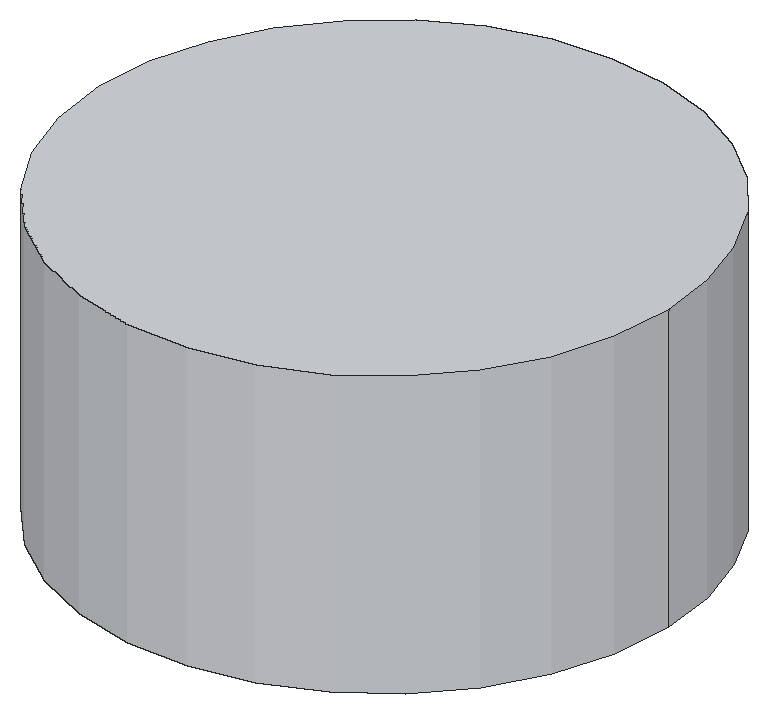
Revit family "10980800", category Specialty Equipment, Revit 2021
Family settings
  Round Connector Dimension = Use Diameter
  Part Type = Normal
  OmniClass Number = 23.40.40.14
  OmniClass Title = Food Service Equipment
  Work Plane-Based = No
  Always vertical = Yes
  Cut with Voids When Loaded = No
  Shared = No
  Room Calculation Point = No
Parameters (values of type "Standard")
  URL = "https://www.rustfriebergh.no/produkter/serveringsdisker/displaymonter-rbdm/"
  Model = "10980800"
  Manufacturer = "RUSTFRIE BERGH AS"
  Description = "Displaymonter RBDM-800"
  Default Elevation = 0 mm
Reference planes
  plane 1 "Center (Front/Back)": y = 0
  plane 2: z = 0
  plane 3 "Center (Left/Right)": x = 0
Forms (mm)
  Extrusion 1, solid
    sketch origin (190, 256, 51.5) x (1, 0, 0) y (0, 1, 0)
      loop
        circle (0, 0) r 3.048
    from 0 to -3.048
Dimensions and locks
  aligned and locked: level to plane 2
Connectors
  electrical at (190, 256, 51.5)
    settings: on Extrusion 1, index 1, voltage 230 V, apparent load 750 VA, apparent load phase1 0 VA, apparent load phase2 0 VA, apparent load phase3 0 VA, power factor 0, load classification "Other", number of poles 1, system type 30, power factor state 1, is connector primary yes, connector utility no, sub classification motor no, connector description "230V 50/60HZ 3,26A"
